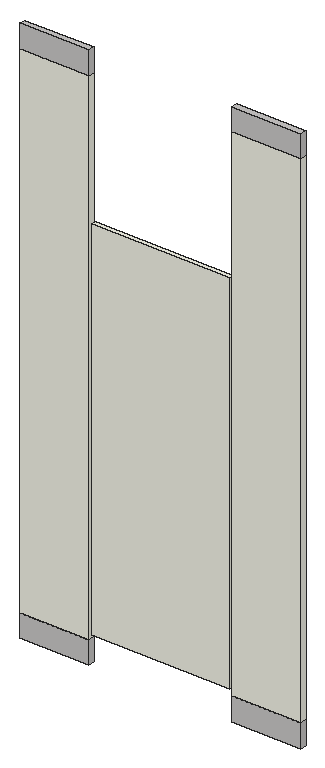
Revit family "Toilet_Partition-Bobrick-B1096-Floor_To_Ceiling_Anchored", category Specialty Equipment, host Floor, Revit 2012
Parameters (values of type "B-1096")
  URL = "http://www.bobrick.com"
  Partition Material = Laminated Plastic - Bobrick - Designer White
  Panel Value = if(DoorPanel Width < 1", 1", if(DoorPanel Width > 84", 84", DoorPanel Width))  # 24"
  Model = "B1096 SierraLineSeries Floor-to-Ceiling-Anchored"
  Manufacturer = "Bobrick Washroom Equipment, Inc."
  Inswing Value = if(DoorPanel Width < 22", 22", if(DoorPanel Width > 37", 37", DoorPanel Width))  # 24"
  DoorPanel Width = 24"
  Right Stile Width = 12"
  Right Stile Visible = yes
  Right Stile Value = if(Right Stile Width < 3", 3", if(Right Stile Width > 24", 24", Right Stile Width))  # 12"
  Panel = not(Door Panel)  # no
  Outswing Value = if(DoorPanel Width < 25", 25", if(DoorPanel Width > 37", 37", DoorPanel Width))  # 25"
  Outswing = and(not(Inswing Visibility), Door Panel)  # no
  Left Stile Width = 12"
  Left Stile Visible = yes
  Left Stile Value = if(Left Stile Width < 3", 3", if(Left Stile Width > 24", 24", Left Stile Width))  # 12"
  Inswing Visibility = and(Inswing, Door Panel)  # yes
  Inswing = yes
  Width Value = if(Inswing Visibility, Inswing Value, if(Outswing, Outswing Value, if(Panel, Panel Value, 36")))  # 24"
  Door Panel = yes
  Description = "Water and Fire-Resistant Solid Color Reinforced Composite Toilet Partions and Urinal Screens"
  Ceiling Height [instance] = 96"
  Assembly Code = "C1030200"
  ADA Compliant = yes
Reference planes (in)
  plane 1 "Center (Front/Back)": y = 0
  plane 2: z = 0
  plane 3 "Center (Left/Right)": x = 0
  plane 4: x = -24.5
  plane 5: x = 24.5
  plane 6: y = 0.5
  plane 7: y = -0.5
  plane 8: x = -12.5
  plane 9: x = 12.5
  plane 10: x = -12
  plane 11: x = 12
  plane 12: z = 4
  plane 13: z = 4.9375
  plane 14: z = 69
  plane 15: z = 36.96875
  plane 16: y = 24.5
  plane 17: x = 11
  plane 18: z = 96
  plane 19: z = 92
Forms (in)
  Extrusion 1, solid, material "Laminated Plastic - Bobrick - Designer White" <- "Partition Material", visible <- "Left Stile Visible"
    sketch origin (0, 0, 0) x (1, 0, 0) y (0, 1, 0)
      loop
        line (-24.5, 0.5) -> (-24.5, -0.5) -> (-12.5, -0.5) -> (-12.5, 0.5) -> (-24.5, 0.5)
    from 4 to 92
  Extrusion 2, solid, material "Stainless Steel - Bobrick - Satin", visible <- "Left Stile Visible"
    sketch origin (0, 0, 0) x (1, 0, 0) y (0, 1, 0)
      loop
        line (-24.5, 0.5) -> (-24.5, -0.5) -> (-12.5, -0.5) -> (-12.5, 0.5) -> (-24.5, 0.5)
    from 0 to 4
  Extrusion 3, solid, material "Laminated Plastic - Bobrick - Designer White" <- "Partition Material"
    sketch origin (0, 0, 0) x (1, 0, 0) y (0, 1, 0)
      loop
        line (-12, 0.5) -> (-12, -0.5) -> (12, -0.5) -> (12, 0.5) -> (-12, 0.5)
    from 4.9375 to 69
  Extrusion 4, solid, material "Laminated Plastic - Bobrick - Designer White" <- "Partition Material", visible <- "Right Stile Visible"
    sketch origin (0, 0, 0) x (-1, 0, 0) y (0, -1, 0)
      loop
        line (-24.5, -0.5) -> (-12.5, -0.5) -> (-12.5, 0.5) -> (-24.5, 0.5) -> (-24.5, -0.5)
    from 4 to 92
  Extrusion 5, solid, material "Stainless Steel - Bobrick - Satin", visible <- "Right Stile Visible"
    sketch origin (0, 0, 0) x (-1, 0, 0) y (0, -1, 0)
      loop
        line (-24.5, -0.5) -> (-12.5, -0.5) -> (-12.5, 0.5) -> (-24.5, 0.5) -> (-24.5, -0.5)
    from 0 to 4
  Extrusion 6, solid, material "Stainless Steel - Bobrick - Satin", visible <- "Left Stile Visible"
    sketch origin (2.75, 17.5, 104) x (1, 0, 0) y (0, 1, 0)
      loop
        line (-27.25, -17) -> (-27.25, -18) -> (-15.25, -18) -> (-15.25, -17) -> (-27.25, -17)
    from -12 to -8
  Extrusion 7, solid, material "Stainless Steel - Bobrick - Satin", visible <- "Right Stile Visible"
    sketch origin (2, 12.75, 92) x (-1, 0, 0) y (0, -1, 0)
      loop
        line (-22.5, 12.25) -> (-10.5, 12.25) -> (-10.5, 13.25) -> (-22.5, 13.25) -> (-22.5, 12.25)
    from 0 to 4
Lines and regions (in)
  Masking region 1, visible <- "Left Stile Visible"
    outline origin (0, 0, 0) x (1, 0, 0) y (0, 0, 1)
      loop
        line (-24.5, 96) -> (-24.5, 0) -> (-12.5, 0) -> (-12.5, 96) -> (-24.5, 96)
  Masking region 2
    outline origin (0, 0, 0) x (1, 0, 0) y (0, 0, 1)
      loop
        line (-12, 69) -> (-12, 4.9375) -> (12, 4.9375) -> (12, 69) -> (-12, 69)
  Masking region 3, visible <- "Right Stile Visible"
    outline origin (0, 0, 0) x (1, 0, 0) y (0, 0, 1)
      loop
        line (12.5, 96) -> (12.5, 0) -> (24.5, 0) -> (24.5, 96) -> (12.5, 96)
  Masking region 4, visible <- "Door Panel"
    outline origin (0, 0, 0) x (1, 0, 0) y (0, 1, 0)
      loop
        line (11, 24.5) -> (11, 0.5) -> (12, 0.5) -> (12, 24.5) -> (11, 24.5)
  Masking region 5, visible <- "Left Stile Visible"
    outline origin (0, 0, 0) x (1, 0, 0) y (0, 1, 0)
      loop
        line (-24.5, 0.5) -> (-24.5, -0.5) -> (-12.5, -0.5) -> (-12.5, 0.5) -> (-24.5, 0.5)
  Masking region 6, visible <- "Right Stile Visible"
    outline origin (0, 0, 0) x (1, 0, 0) y (0, 1, 0)
      loop
        line (12.5, 0.5) -> (12.5, -0.5) -> (24.5, -0.5) -> (24.5, 0.5) -> (12.5, 0.5)
  Masking region 7, visible <- "Panel"
    outline origin (0, 0, 0) x (1, 0, 0) y (0, 1, 0)
      loop
        line (-12, -0.5) -> (12, -0.5) -> (12, 0.5) -> (-12, 0.5) -> (-12, -0.5)
  Masking region 8
    outline origin (0, 0, 0) x (0, 1, 0) y (0, 0, 1)
      loop
        line (0.5, 69) -> (-0.5, 69) -> (-0.5, 0) -> (0.5, 0) -> (0.5, 69)
  symbolic lines, visible <- "Left Stile Visible"
    curve 1: line (-24.5, 0, 4) -> (-12.5, 0, 4)
    curve 7: line (-24.5, 0, 92) -> (-12.5, 0, 92)
  symbolic lines, visible <- "Right Stile Visible"
    curve 2: line (12.5, 0, 4) -> (24.5, 0, 4)
    curve 8: line (12.5, 0, 92) -> (24.5, 0, 92)
  symbolic lines, style "Partition Elevation Swing", visible <- "Door Panel"
    curve 3: line (-12, 0, 69) -> (12, 0, 36.86666)
    curve 4: line (12, 0, 36.86666) -> (-12, 0, 4.9375)
    curve 5: arc (-12, 0.5, 0) -> (-4.97056, 17.47056, 0) -> (12, 24.5, 0) r 24
  symbolic lines, style "Partition"
    curve 6: line (0, 0.5, 4) -> (0, -0.5, 4)
Dimensions and locks (in)
  equal spacing: host sketch curve, plane 1 "Center (Front/Back)", host sketch curve
  equal spacing: host sketch curve, plane 3 "Center (Left/Right)", host sketch curve
  host sketch curve to host sketch curve = 120"  (x2)
  locked: plane 8 to plane 10 at 0.5
  locked: plane 11 to plane 9 at 0.5
  "Width Value": plane 10 to plane 11
  equal spacing: plane 10, plane 3 "Center (Left/Right)", plane 11
  "Left Stile Value": plane 4 to plane 8
  "Right Stile Value": plane 9 to plane 5
  locked: plane 12 to level at 4
  locked: plane 13 to level at 4.9375
  locked: plane 14 to level at 69
  locked: plane 6 to plane 7 at 1
  equal spacing: plane 6, plane 1 "Center (Front/Back)", plane 7
  equal spacing: plane 14, plane 15, plane 13
  "Width Value": plane 16 to plane 6
  locked: plane 17 to plane 11 at 1
  "Ceiling Height": plane 18 to level
  locked: plane 18 to plane 19 at 4
  aligned and locked: level to plane 2
  aligned and locked: Extrusion 1 sketch curve to plane 6
  aligned and locked: plane 4 to Extrusion 1 sketch curve
  aligned and locked: plane 7 to Extrusion 1 sketch curve
  aligned and locked: Extrusion 1 sketch curve to plane 8
  aligned: Extrusion 1 to level
  aligned and locked: Extrusion 1 to plane 12
  aligned and locked: plane 4 to Extrusion 2 sketch curve
  aligned and locked: Extrusion 2 sketch curve to plane 6
  aligned and locked: Extrusion 2 sketch curve to plane 8
  aligned and locked: plane 7 to Extrusion 2 sketch curve
  aligned and locked: plane 12 to Extrusion 2
  aligned and locked: Extrusion 2 to level
  aligned and locked: plane 10 to Extrusion 3 sketch curve
  aligned and locked: Extrusion 3 sketch curve to plane 6
  aligned and locked: plane 7 to Extrusion 3 sketch curve
  aligned and locked: Extrusion 3 sketch curve to plane 11
  aligned and locked: plane 14 to Extrusion 3
  aligned and locked: Extrusion 3 to plane 13
  aligned and locked: Extrusion 5 sketch curve to plane 9
  aligned and locked: plane 6 to Extrusion 5 sketch curve
  aligned and locked: plane 5 to Extrusion 5 sketch curve
  aligned and locked: Extrusion 5 sketch curve to plane 7
  aligned and locked: Extrusion 4 sketch curve to plane 9
  aligned and locked: plane 6 to Extrusion 4 sketch curve
  aligned and locked: Extrusion 4 sketch curve to plane 7
  aligned and locked: plane 5 to Extrusion 4 sketch curve
  aligned and locked: Masking region 1 sketch curve to plane 4
  aligned and locked: Masking region 1 sketch curve to level
  aligned and locked: Masking region 1 sketch curve to plane 8
  aligned and locked: Masking region 2 sketch curve to plane 14
  aligned and locked: Masking region 2 sketch curve to plane 10
  aligned and locked: Masking region 2 sketch curve to plane 11
  aligned and locked: Masking region 2 sketch curve to plane 13
  aligned and locked: Masking region 3 sketch curve to plane 9
  aligned and locked: Masking region 3 sketch curve to plane 5
  aligned and locked: Masking region 3 sketch curve to level
  aligned and locked: curve 1 to plane 12
  aligned and locked: plane 4 to curve 1
  aligned and locked: plane 8 to curve 1
  aligned and locked: curve 2 to plane 12
  aligned and locked: plane 5 to curve 2
  aligned and locked: plane 9 to curve 2
  aligned and locked: plane 14 to curve 3
  aligned and locked: plane 10 to curve 3
  aligned and locked: plane 11 to curve 4
  aligned and locked: plane 10 to curve 4
  aligned and locked: plane 13 to curve 4
  aligned and locked: Masking region 4 sketch curve to plane 16
  aligned and locked: plane 17 to Masking region 4 sketch curve
  aligned and locked: plane 6 to Masking region 4 sketch curve
  aligned and locked: Masking region 4 sketch curve to plane 11
  aligned and locked: Masking region 5 sketch curve to plane 6
  aligned and locked: plane 4 to Masking region 5 sketch curve
  aligned and locked: plane 7 to Masking region 5 sketch curve
  aligned and locked: Masking region 5 sketch curve to plane 8
  aligned and locked: Masking region 6 sketch curve to plane 6
  aligned and locked: plane 9 to Masking region 6 sketch curve
  aligned and locked: plane 7 to Masking region 6 sketch curve
  aligned and locked: Masking region 6 sketch curve to plane 5
  aligned and locked: Masking region 4 to curve 5
  aligned and locked: plane 10 to curve 5
  aligned and locked: plane 6 to curve 5  (x2)
  aligned and locked: plane 11 to curve 5
  aligned and locked: Masking region 7 sketch curve to plane 7
  aligned and locked: Masking region 7 sketch curve to plane 10
  aligned and locked: plane 6 to Masking region 7 sketch curve
  aligned and locked: plane 11 to Masking region 7 sketch curve
  aligned and locked: level to Masking region 8 sketch curve
  aligned and locked: Masking region 8 sketch curve to plane 14
  aligned and locked: Masking region 8 sketch curve to plane 6
  aligned and locked: plane 7 to Masking region 8 sketch curve
  aligned and locked: plane 12 to curve 6
  aligned and locked: plane 7 to curve 6
  aligned and locked: plane 6 to curve 6
  aligned and locked: Extrusion 5 to level
  aligned and locked: plane 19 to Extrusion 1
  aligned and locked: plane 19 to Extrusion 4
  aligned and locked: Extrusion 1 to plane 19
  aligned and locked: plane 18 to Extrusion 6
  aligned and locked: Extrusion 6 to plane 19
  aligned and locked: Extrusion 6 to plane 4
  aligned and locked: plane 8 to Extrusion 6
  aligned and locked: Extrusion 6 to plane 7
  aligned and locked: plane 6 to Extrusion 6
  aligned and locked: plane 18 to Masking region 1
  aligned and locked: curve 7 to plane 19
  aligned and locked: plane 18 to Extrusion 7
  aligned and locked: plane 5 to Extrusion 7
  aligned and locked: Extrusion 7 to plane 9
  aligned and locked: Extrusion 7 to plane 19
  aligned and locked: Extrusion 7 to plane 7
  aligned and locked: plane 6 to Extrusion 7
  aligned and locked: plane 18 to Masking region 3
  aligned and locked: curve 8 to plane 19
  aligned and locked: Extrusion 4 to plane 12
  aligned and locked: plane 12 to Extrusion 5
Automatic sketch dimensions
  curve 7 to plane 4 = 0"
  curve 7 to plane 8 = 0"
  curve 8 to plane 9 = 0"
  curve 8 to plane 5 = 0"
  curve 3 to plane 15 = 0.10209"
  Masking region 1 sketch curve to plane 18 = 0"
  plane 18 to Masking region 3 sketch curve = 0"
  plane 4 to Extrusion 6 sketch curve = 0"
  plane 7 to Extrusion 6 sketch curve = 0"
  plane 8 to Extrusion 6 sketch curve = 0"
  plane 6 to Extrusion 6 sketch curve = 0"
  Extrusion 7 sketch curve to plane 5 = 0"
  Extrusion 7 sketch curve to plane 7 = 0"
  Extrusion 7 sketch curve to plane 9 = 0"
  Extrusion 7 sketch curve to plane 6 = 0"
